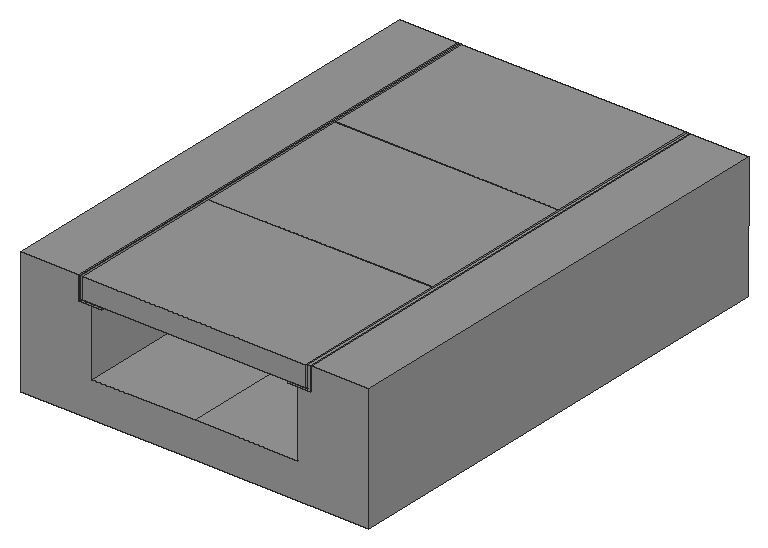
Revit family "T2170-F - 17” Wide", category Plumbing Fixtures, host Face, Revit 2013
Parameters (values of type "T2170-F")
  Wide Body = 1' - 5"
  WFU = 0
  URL = "www.mifab.com"
  Model = "T2170-F"
  Manufacturer = "Mifab"
  HWFU = 0
  Grate Material = Ductile Iron
  Description = "17” Wide, Frame and Grate System"
  Default Elevation = 0' - 0"
  CWFU = 0
  Body Material = Steel
Reference planes (in)
  plane 1 "Center (Front/Back)": y = 0
  plane 2: z = 0
  plane 3 "Center (Left/Right)": x = 0
Forms (in)
  Extrusion 1, solid, material "Concrete"
    sketch origin (-0.44922, 0, 0) x (1, 0, 0) y (0, 0, 1)
      loop
        line (-12.80078, 0) -> (-12.80078, -9.5) -> (0.44922, -9.5) -> (13.69922, -9.5) -> (13.69922, 0) -> (9.25, 0) -> (9.25, -1.75) -> (8.29688, -1.75) -> (8.29688, -6.75) -> (0.44922, -6.75) -> (-7.39844, -6.75) -> (-7.39844, -1.75) -> (-8.35156, -1.75) -> (-8.35156, 0) -> (-12.80078, 0)
    from 20 to -16
  Extrusion 2, solid, material "Steel" <- "Body Material"
    sketch origin (0, 0, 0) x (1, 0, 0) y (0, 0, 1)
      loop
        line (-8.80078, 0) -> (-8.80078, -1.74353) -> (-7.05078, -1.74353) -> (-7.05078, -1.59356) -> (-8.62095, -1.59356) -> (-8.62095, 0) -> (-8.80078, 0)
      loop
        line (8.80078, 0) -> (8.62095, 0) -> (8.62095, -1.59356) -> (7.05078, -1.59356) -> (7.05078, -1.74353) -> (8.80078, -1.74353) -> (8.80078, 0)
    from 20 to -16
  Extrusion 3, solid, material "Steel" <- "Body Material"
    sketch origin (-0.34935, 8, 0) x (1, 0, 0) y (0, 0, 1)
      loop
        arc (-10.20201, -1.74353) -> (-10.24924, -1.7631) -> (-10.26881, -1.81033) r 0.0668
        line (-10.26881, -1.81033) -> (-10.26881, -7.34522) -> (-10.10058, -7.34522) -> (-10.10058, -2.00292)
        arc (-10.10058, -2.00292) -> (-10.09137, -1.98068) -> (-10.06912, -1.97146) r 0.03146
        line (-10.06912, -1.97146) -> (0.34935, -1.97146) -> (10.76782, -1.97146)
        arc (10.76782, -1.97146) -> (10.79007, -1.98068) -> (10.79928, -2.00292) r 0.03146
        line (10.79928, -2.00292) -> (10.79928, -7.34522) -> (10.9675, -7.34522) -> (10.9675, -1.81033)
        arc (10.9675, -1.81033) -> (10.94794, -1.7631) -> (10.9007, -1.74353) r 0.0668
        line (10.9007, -1.74353) -> (0.34935, -1.74353) -> (-10.20201, -1.74353)
    from 9.25 to 10.75
  Extrusion 4, solid, material "Steel" <- "Body Material"
    sketch origin (-0.00182, -15.99234, 0.11228) x (1, 0, 0) y (0, 0, 1)
      loop
        line (-8.79896, -1.85581) -> (-8.79896, -1.74948) -> (-9.02521, -1.74948)
        arc (-9.02521, -1.74948) -> (-9.05781, -1.75754) -> (-9.0829, -1.77985) r 0.06998
        line (-9.0829, -1.77985) -> (-10.26097, -3.4955)
        arc (-10.26097, -3.4955) -> (-10.2869, -3.51235) -> (-10.31714, -3.50594) r 0.0404
        line (-10.31714, -3.50594) -> (-10.80698, -3.16959)
        arc (-10.80698, -3.16959) -> (-10.8221, -3.16565) -> (-10.83624, -3.17228) r 0.02299
        line (-10.83624, -3.17228) -> (-10.87071, -3.20675)
        arc (-10.87071, -3.20675) -> (-10.87694, -3.224) -> (-10.86766, -3.23981) r 0.02159
        line (-10.86766, -3.23981) -> (-10.29683, -3.63178)
        arc (-10.29683, -3.63178) -> (-10.26258, -3.63905) -> (-10.23323, -3.61997) r 0.04575
        line (-10.23323, -3.61997) -> (-9.04781, -1.89362)
        arc (-9.04781, -1.89362) -> (-9.01657, -1.86584) -> (-8.97599, -1.85581) r 0.08712
        line (-8.97599, -1.85581) -> (-8.79896, -1.85581)
      loop
        line (8.8026, -1.85581) -> (8.97963, -1.85581)
        arc (8.97963, -1.85581) -> (9.02021, -1.86584) -> (9.05145, -1.89362) r 0.08712
        line (9.05145, -1.89362) -> (10.23687, -3.61997)
        arc (10.23687, -3.61997) -> (10.26622, -3.63905) -> (10.30047, -3.63178) r 0.04575
        line (10.30047, -3.63178) -> (10.8713, -3.23981)
        arc (10.8713, -3.23981) -> (10.88058, -3.224) -> (10.87435, -3.20675) r 0.02159
        line (10.87435, -3.20675) -> (10.83988, -3.17228)
        arc (10.83988, -3.17228) -> (10.82574, -3.16565) -> (10.81062, -3.16959) r 0.02299
        line (10.81062, -3.16959) -> (10.32079, -3.50594)
        arc (10.32079, -3.50594) -> (10.29054, -3.51235) -> (10.26462, -3.4955) r 0.0404
        line (10.26462, -3.4955) -> (9.08654, -1.77985)
        arc (9.08654, -1.77985) -> (9.06145, -1.75754) -> (9.02885, -1.74948) r 0.06998
        line (9.02885, -1.74948) -> (8.8026, -1.74948) -> (8.8026, -1.85581)
    from -0.51025 to 0.50766
  Extrusion 5, solid, material "Ductile Iron" <- "Grate Material"
    sketch origin (0, 0, 0) x (1, 0, 0) y (0, 1, 0)
      loop
        line (-8.5, -8) -> (-8.5, -20) -> (8.46883, -20) -> (8.46883, -8) -> (-8.5, -8)
    from 0 to -1.59356
  Extrusion 6, void
    sketch origin (0, 0, 0) x (1, 0, 0) y (0, 1, 0)
      loop
        circle (0, -2) r 0.25
      loop
        circle (0.006, 7.98297) r 0.25
      loop
        circle (-0.006, -13.07228) r 0.25
    from -4.39028 to 12
  Extrusion 7, solid, material "Steel" <- "Body Material"
    sketch origin (-0.00182, -6.50766, 0.11228) x (1, 0, 0) y (0, 0, -1)
      loop
        line (-8.79896, 1.85581) -> (-8.97599, 1.85581)
        arc (-8.97599, 1.85581) -> (-9.01657, 1.86584) -> (-9.04781, 1.89362) r 0.08712
        line (-9.04781, 1.89362) -> (-10.23323, 3.61997)
        arc (-10.23323, 3.61997) -> (-10.26258, 3.63905) -> (-10.29683, 3.63178) r 0.04575
        line (-10.29683, 3.63178) -> (-10.86766, 3.23981)
        arc (-10.86766, 3.23981) -> (-10.87694, 3.224) -> (-10.87071, 3.20675) r 0.02159
        line (-10.87071, 3.20675) -> (-10.83624, 3.17228)
        arc (-10.83624, 3.17228) -> (-10.8221, 3.16565) -> (-10.80698, 3.16959) r 0.02299
        line (-10.80698, 3.16959) -> (-10.31714, 3.50594)
        arc (-10.31714, 3.50594) -> (-10.2869, 3.51235) -> (-10.26097, 3.4955) r 0.0404
        line (-10.26097, 3.4955) -> (-9.0829, 1.77985)
        arc (-9.0829, 1.77985) -> (-9.05781, 1.75754) -> (-9.02521, 1.74948) r 0.06998
        line (-9.02521, 1.74948) -> (-8.79896, 1.74948) -> (-8.79896, 1.85581)
      loop
        line (8.8026, 1.85581) -> (8.8026, 1.74948) -> (9.02885, 1.74948)
        arc (9.02885, 1.74948) -> (9.06145, 1.75754) -> (9.08654, 1.77985) r 0.06998
        line (9.08654, 1.77985) -> (10.26462, 3.4955)
        arc (10.26462, 3.4955) -> (10.29054, 3.51235) -> (10.32079, 3.50594) r 0.0404
        line (10.32079, 3.50594) -> (10.81062, 3.16959)
        arc (10.81062, 3.16959) -> (10.82574, 3.16565) -> (10.83988, 3.17228) r 0.02299
        line (10.83988, 3.17228) -> (10.87435, 3.20675)
        arc (10.87435, 3.20675) -> (10.88058, 3.224) -> (10.8713, 3.23981) r 0.02159
        line (10.8713, 3.23981) -> (10.30047, 3.63178)
        arc (10.30047, 3.63178) -> (10.26622, 3.63905) -> (10.23687, 3.61997) r 0.04575
        line (10.23687, 3.61997) -> (9.05145, 1.89362)
        arc (9.05145, 1.89362) -> (9.02021, 1.86584) -> (8.97963, 1.85581) r 0.08712
        line (8.97963, 1.85581) -> (8.8026, 1.85581)
    from -0.51025 to 0.50766
  Extrusion 8, solid, material "Steel" <- "Body Material"
    sketch origin (-0.00182, 3.50766, 0.11228) x (1, 0, 0) y (0, 0, 1)
      loop
        line (-8.79896, -1.85581) -> (-8.79896, -1.74948) -> (-9.02521, -1.74948)
        arc (-9.02521, -1.74948) -> (-9.05781, -1.75754) -> (-9.0829, -1.77985) r 0.06998
        line (-9.0829, -1.77985) -> (-10.26097, -3.4955)
        arc (-10.26097, -3.4955) -> (-10.2869, -3.51235) -> (-10.31714, -3.50594) r 0.0404
        line (-10.31714, -3.50594) -> (-10.80698, -3.16959)
        arc (-10.80698, -3.16959) -> (-10.8221, -3.16565) -> (-10.83624, -3.17228) r 0.02299
        line (-10.83624, -3.17228) -> (-10.87071, -3.20675)
        arc (-10.87071, -3.20675) -> (-10.87694, -3.224) -> (-10.86766, -3.23981) r 0.02159
        line (-10.86766, -3.23981) -> (-10.29683, -3.63178)
        arc (-10.29683, -3.63178) -> (-10.26258, -3.63905) -> (-10.23323, -3.61997) r 0.04575
        line (-10.23323, -3.61997) -> (-9.04781, -1.89362)
        arc (-9.04781, -1.89362) -> (-9.01657, -1.86584) -> (-8.97599, -1.85581) r 0.08712
        line (-8.97599, -1.85581) -> (-8.79896, -1.85581)
      loop
        line (8.8026, -1.85581) -> (8.97963, -1.85581)
        arc (8.97963, -1.85581) -> (9.02021, -1.86584) -> (9.05145, -1.89362) r 0.08712
        line (9.05145, -1.89362) -> (10.23687, -3.61997)
        arc (10.23687, -3.61997) -> (10.26622, -3.63905) -> (10.30047, -3.63178) r 0.04575
        line (10.30047, -3.63178) -> (10.8713, -3.23981)
        arc (10.8713, -3.23981) -> (10.88058, -3.224) -> (10.87435, -3.20675) r 0.02159
        line (10.87435, -3.20675) -> (10.83988, -3.17228)
        arc (10.83988, -3.17228) -> (10.82574, -3.16565) -> (10.81062, -3.16959) r 0.02299
        line (10.81062, -3.16959) -> (10.32079, -3.50594)
        arc (10.32079, -3.50594) -> (10.29054, -3.51235) -> (10.26462, -3.4955) r 0.0404
        line (10.26462, -3.4955) -> (9.08654, -1.77985)
        arc (9.08654, -1.77985) -> (9.06145, -1.75754) -> (9.02885, -1.74948) r 0.06998
        line (9.02885, -1.74948) -> (8.8026, -1.74948) -> (8.8026, -1.85581)
    from -0.51025 to 0.50766
  Extrusion 9, solid, material "Steel" <- "Body Material"
    sketch origin (-0.00182, 11.50766, 0.11228) x (1, 0, 0) y (0, 0, 1)
      loop
        line (-8.79896, -1.85581) -> (-8.79896, -1.74948) -> (-9.02521, -1.74948)
        arc (-9.02521, -1.74948) -> (-9.05781, -1.75754) -> (-9.0829, -1.77985) r 0.06998
        line (-9.0829, -1.77985) -> (-10.26097, -3.4955)
        arc (-10.26097, -3.4955) -> (-10.2869, -3.51235) -> (-10.31714, -3.50594) r 0.0404
        line (-10.31714, -3.50594) -> (-10.80698, -3.16959)
        arc (-10.80698, -3.16959) -> (-10.8221, -3.16565) -> (-10.83624, -3.17228) r 0.02299
        line (-10.83624, -3.17228) -> (-10.87071, -3.20675)
        arc (-10.87071, -3.20675) -> (-10.87694, -3.224) -> (-10.86766, -3.23981) r 0.02159
        line (-10.86766, -3.23981) -> (-10.29683, -3.63178)
        arc (-10.29683, -3.63178) -> (-10.26258, -3.63905) -> (-10.23323, -3.61997) r 0.04575
        line (-10.23323, -3.61997) -> (-9.04781, -1.89362)
        arc (-9.04781, -1.89362) -> (-9.01657, -1.86584) -> (-8.97599, -1.85581) r 0.08712
        line (-8.97599, -1.85581) -> (-8.79896, -1.85581)
      loop
        line (8.8026, -1.85581) -> (8.97963, -1.85581)
        arc (8.97963, -1.85581) -> (9.02021, -1.86584) -> (9.05145, -1.89362) r 0.08712
        line (9.05145, -1.89362) -> (10.23687, -3.61997)
        arc (10.23687, -3.61997) -> (10.26622, -3.63905) -> (10.30047, -3.63178) r 0.04575
        line (10.30047, -3.63178) -> (10.8713, -3.23981)
        arc (10.8713, -3.23981) -> (10.88058, -3.224) -> (10.87435, -3.20675) r 0.02159
        line (10.87435, -3.20675) -> (10.83988, -3.17228)
        arc (10.83988, -3.17228) -> (10.82574, -3.16565) -> (10.81062, -3.16959) r 0.02299
        line (10.81062, -3.16959) -> (10.32079, -3.50594)
        arc (10.32079, -3.50594) -> (10.29054, -3.51235) -> (10.26462, -3.4955) r 0.0404
        line (10.26462, -3.4955) -> (9.08654, -1.77985)
        arc (9.08654, -1.77985) -> (9.06145, -1.75754) -> (9.02885, -1.74948) r 0.06998
        line (9.02885, -1.74948) -> (8.8026, -1.74948) -> (8.8026, -1.85581)
    from -0.51025 to 0.50766
  Extrusion 10, solid, material "Steel" <- "Body Material"
    sketch origin (-0.35136, -3, -0.00041) x (1, 0, 0) y (0, 0, 1)
      loop
        arc (-10.20201, -1.74353) -> (-10.24924, -1.7631) -> (-10.26881, -1.81033) r 0.0668
        line (-10.26881, -1.81033) -> (-10.26881, -7.34522) -> (-10.10058, -7.34522) -> (-10.10058, -2.00292)
        arc (-10.10058, -2.00292) -> (-10.09137, -1.98068) -> (-10.06912, -1.97146) r 0.03146
        line (-10.06912, -1.97146) -> (0.34935, -1.97146) -> (10.76782, -1.97146)
        arc (10.76782, -1.97146) -> (10.79007, -1.98068) -> (10.79928, -2.00292) r 0.03146
        line (10.79928, -2.00292) -> (10.79928, -7.34522) -> (10.9675, -7.34522) -> (10.9675, -1.81033)
        arc (10.9675, -1.81033) -> (10.94794, -1.7631) -> (10.9007, -1.74353) r 0.0668
        line (10.9007, -1.74353) -> (0.34935, -1.74353) -> (-10.20201, -1.74353)
    from 9.25 to 10.75
  Extrusion 11, solid, material "Steel" <- "Body Material"
    sketch origin (-0.35035, 18, 0.0002) x (1, 0, 0) y (0, 0, 1)
      loop
        arc (-10.20201, -1.74353) -> (-10.24924, -1.7631) -> (-10.26881, -1.81033) r 0.0668
        line (-10.26881, -1.81033) -> (-10.26881, -7.34522) -> (-10.10058, -7.34522) -> (-10.10058, -2.00292)
        arc (-10.10058, -2.00292) -> (-10.09137, -1.98068) -> (-10.06912, -1.97146) r 0.03146
        line (-10.06912, -1.97146) -> (0.34935, -1.97146) -> (10.76782, -1.97146)
        arc (10.76782, -1.97146) -> (10.79007, -1.98068) -> (10.79928, -2.00292) r 0.03146
        line (10.79928, -2.00292) -> (10.79928, -7.34522) -> (10.9675, -7.34522) -> (10.9675, -1.81033)
        arc (10.9675, -1.81033) -> (10.94794, -1.7631) -> (10.9007, -1.74353) r 0.0668
        line (10.9007, -1.74353) -> (0.34935, -1.74353) -> (-10.20201, -1.74353)
    from 9.25 to 10.75
  Extrusion 12, void
    sketch origin (0, 9.95062, 0) x (1, 0, 0) y (0, 1, 0)
      loop
        circle (0, -2) r 0.25
    from -4.39028 to 12
  Extrusion 13, void
    sketch origin (0.00549, -10.94134, 0) x (1, 0, 0) y (0, 1, 0)
      loop
        circle (0, -2) r 0.25
    from -4.39028 to 12
  Extrusion 14, void
    sketch origin (0, 0, 0) x (0, 1, 0) y (0, 0, 1)
      loop
        circle (7.97125, -2.94674) r 0.14976
      loop
        circle (7.96386, -6.59521) r 0.14976
      loop
        circle (-2.01707, -2.93264) r 0.14976
      loop
        circle (-12.96195, -3.00562) r 0.14976
      loop
        circle (-1.95636, -6.60918) r 0.14976
      loop
        circle (-13.0027, -6.60965) r 0.14976
    from -15.88875 to 12
  Extrusion 15, solid, material "Ductile Iron" <- "Grate Material"
    sketch origin (0, -16, 0) x (1, 0, 0) y (0, 1, 0)
      loop
        line (-8.5, 8) -> (8.46883, 8) -> (8.46883, 20) -> (-8.5, 20) -> (-8.5, 8)
    from 0 to -1.59356
  Extrusion 16, solid, material "Ductile Iron" <- "Grate Material"
    sketch origin (0, 24, 0) x (1, 0, 0) y (0, 1, 0)
      loop
        line (-8.5, -8) -> (-8.5, -20) -> (8.46883, -20) -> (8.46883, -8) -> (-8.5, -8)
    from 0 to -1.59356
Cuts and joins
  Extrusion 6, Extrusion 12, Extrusion 14 cuts Extrusion 3
  Extrusion 12, Extrusion 13, Extrusion 14 cuts Extrusion 11
  Extrusion 13, Extrusion 14 cuts Extrusion 10
Lines and regions (in)
  reference lines
    curve 1: line (-15.61872, 16, 0) -> (20.63128, 16, 0)
    curve 2: line (-18.05772, -2, 0) -> (21.69228, -2, 0)
    curve 3: line (-16.31123, 10, 0) -> (17.43877, 10, 0)
    curve 4: line (-8.5, 0, 1.5) -> (-8.5, 0, -4.38932)
    curve 5: line (8.46883, 0, 1.5) -> (8.46883, 0, -4.38932)
    curve 6: line (-8.5, -8, 0) -> (15.5, -8, 0)
    curve 7: line (-8.5, 4, 0) -> (18, 4, 0)
Dimensions and locks (in)
  locked: Extrusion 1 to curve 1 at 36
  locked: Extrusion 1 to curve 2 at 18
  Extrusion 2 to Extrusion 2 = 1' - 3.67173"
  locked: Extrusion 1 to Extrusion 5 sketch curve at 12
  curve 3 to Extrusion 1 = 0' - 6"
  aligned and locked: plane 2 to host face
  aligned and locked: level to host face
  aligned and locked: host face to Extrusion 1
  aligned and locked: Extrusion 1 to Extrusion 2  (x4)
  aligned and locked: plane 3 "Center (Left/Right)" to Extrusion 3 sketch curve
  aligned and locked: Extrusion 2 to curve 1
  aligned and locked: Extrusion 3 sketch curve to Extrusion 3 sketch curve  (x2)
  aligned and locked: Extrusion 3 to Extrusion 4 sketch curve
  aligned and locked: Extrusion 2 sketch curve to Extrusion 3
  aligned and locked: Extrusion 1 to Extrusion 5 sketch curve
  aligned and locked: Extrusion 10 sketch curve to Extrusion 10 sketch curve  (x2)
  aligned and locked: Extrusion 11 sketch curve to Extrusion 11 sketch curve  (x2)
  aligned and locked: Extrusion 5 to Extrusion 2
  aligned and locked: plane 3 "Center (Left/Right)" to Extrusion 1 sketch curve  (x2)
  aligned and locked: level to Extrusion 5
  aligned and locked: Extrusion 5 to curve 5
  aligned and locked: Extrusion 1 to Extrusion 4 sketch curve
  aligned and locked: Extrusion 4 sketch curve to Extrusion 1
  aligned and locked: Extrusion 1 to Extrusion 7 sketch curve
  aligned and locked: Extrusion 7 sketch curve to Extrusion 1
  aligned and locked: Extrusion 8 sketch curve to Extrusion 1
  aligned and locked: Extrusion 1 to Extrusion 8 sketch curve
